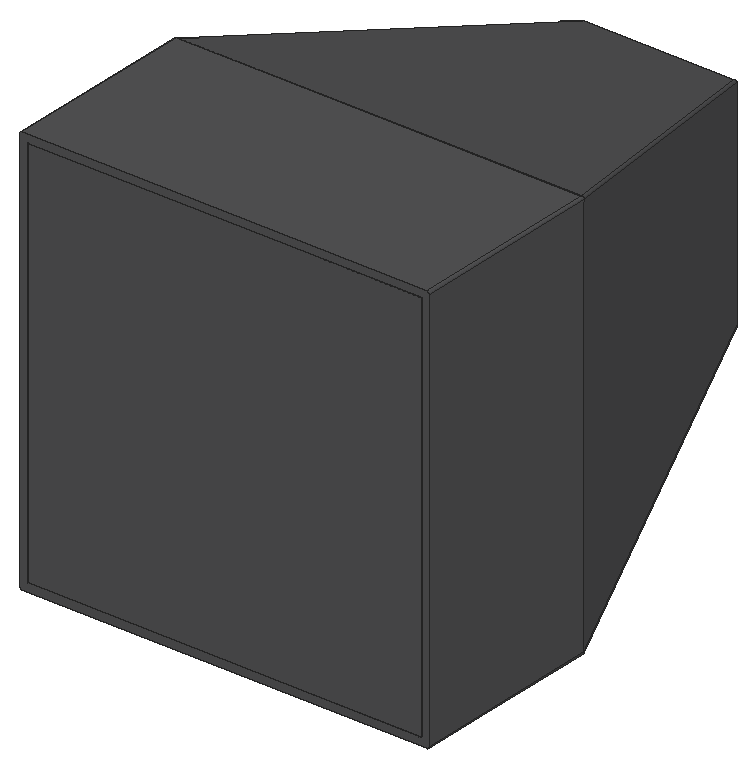
Revit family "Communication_Bosch_Speakers_MTS-4153-43", category Communication Devices, Revit 2018
Family settings
  Maintain Annotation Orientation = No
  Round Connector Dimension = Use Diameter
  Part Type = Normal
  Work Plane-Based = Yes
  Always vertical = No
  Cut with Voids When Loaded = No
  Shared = Yes
  Room Calculation Point = No
Parameters (values of type "MTS-4153-43FWB Loudspeaker high output 40x30 FW blk")
  XMTI = 1
  XCTN [instance] = "MTS-4153-43FWB"
  Weight (Kg) = if(or(XMTI = 1, XMTI = 2), "188", "174")  # "188"
  Vertical Coverage = "30°"  # constant formula
  UniclassTitle = "Loudspeakers"  # constant formula
  UniclassCode = "Pr_70_75_36_50"  # constant formula
  URL = "www.electrovoice.com"
  Product Website = "https://products.electrovoice.com/na/en/mts-4153/"
  Product Information = "https://products.electrovoice.com/downloadfile.php?id=979116"
  Product Description = "Loudspeaker high output 40x30 FW blk"
  PlanningTools = "https://products.electrovoice.com/na/en/preview"
  Max. SPL = "155 dB"  # constant formula
  MaterialRALColour = RAL 9005 black
  Material = "Multi-ply birch"
  Manufacturer = "Electro Voice"  # constant formula
  LoudSpeaker rotation Angle [instance] = 0.00°
  LoudSpeaker inclination Angle [instance] = 0.00°
  InstallationManual = "https://products.electrovoice.com/downloadfile.php?id=979142"
  IP Rating = "IP55"  # constant formula
  IFCExportAs = "IfcAudioVisualAppliance"  # constant formula
  Frequency range (-10 dB) = "Full space with MTS full range preset (50 Hz - 20 kHz)"  # constant formula
  FamType = MTS-4153-43 : MTS-4153-43FWB Loudspeaker high output 40x30 FW blk
  Disclaimer = "https://resources-boschsecurity-cdn.azureedge.net/public/information/bim/Disclaimer.pdf"
  Dimensions (H x W x D) = "1092 mm x 1092 mm x 1491 mm"  # constant formula
  Description = ""
  Default Elevation = 1219.2 mm
  Horizontal Coverage = "40°"  # constant formula
  CTN [instance] = XCTN  # "MTS-4153-43FWB"
  ArchitectsAndEngineersSpecs = "https://products.electrovoice.com/na/en/mts-4153/"
Types (4, lengths in mm): name | XMTI | XCTN | Weight (Kg) | Product Information | Product Description | MaterialRALColour | FamType | CTN
  MTS-4153-43PWB Loudspeaker high output 40x30 PW blk | 3 | "MTS-4153-43PWB" | "174" | "https://products.electrovoice.com/downloadfile.php?id=979118" | "Loudspeaker high output 40x30 PW blk" | RAL 9005 black | MTS-4153-43 : MTS-4153-43PWB Loudspeaker high output 40x30 PW blk | "MTS-4153-43PWB"
  MTS-4153-43PWW Loudspeaker high output 40x30 PW wht | 4 | "MTS-4153-43PWW" | "174" | "https://products.electrovoice.com/downloadfile.php?id=979119" | "Loudspeaker high output 40x30 PW wht" | RAL 9003 white | MTS-4153-43 : MTS-4153-43PWW Loudspeaker high output 40x30 PW wht | "MTS-4153-43PWW"
  MTS-4153-43FWB Loudspeaker high output 40x30 FW blk | 1 | "MTS-4153-43FWB" | "188" | "https://products.electrovoice.com/downloadfile.php?id=979116" | "Loudspeaker high output 40x30 FW blk" | RAL 9005 black | MTS-4153-43 : MTS-4153-43FWB Loudspeaker high output 40x30 FW blk | "MTS-4153-43FWB"
  MTS-4153-43FWW Loudspeaker high output 40x30 FW wht | 2 | "MTS-4153-43FWW" | "188" | "https://products.electrovoice.com/downloadfile.php?id=979117" | "Loudspeaker high output 40x30 FW wht" | RAL 9003 white | MTS-4153-43 : MTS-4153-43FWW Loudspeaker high output 40x30 FW wht | "MTS-4153-43FWW"
Reference planes
  plane 1 "Center (Front/Back)": y = 0
  plane 2: z = 0
  plane 3 "Center (Left/Right)": x = 0
  plane 4: z = 546.1
Lines and regions (mm)
  reference lines
    curve 1: line (0, 0, 546.1) -> (0, 0, 306.1)
Dimensions and locks
  locked: plane 4 to level at 546.1
  "LoudSpeaker rotation Angle": angle curve 1 to plane 3 "Center (Left/Right)"
  aligned and locked: level to plane 2
  aligned and locked: plane 4 to curve 1
  aligned and locked: plane 3 "Center (Left/Right)" to curve 1
Nested families
  nested 1: "MTS-4153-43" at (0, 0, 0), type <- "FamType", LoudSpeaker inclination Angle <- "LoudSpeaker inclination Angle", type "MTS-4153-43FWB Loudspeaker high output 40x30 FW blk"
    with XCTN "MTS-4153-43PWB", LoudSpeaker inclination Angle 0.00°, CTN "MTS-4153-43PWB"
Connectors
  electrical at (0.006, 1447.308, 546.102)
    settings: on nested 1, index 1, voltage 0 V, apparent load 0 VA, apparent load phase1 0 VA, apparent load phase2 0 VA, apparent load phase3 0 VA, power factor 1, load classification "Other", number of poles 1, system type 14, power factor state 1, is connector primary yes, connector utility no, sub classification motor no, connector description ""
Definition of nested family "MTS-4153-43"
  Parameters (values of type "MTS-4153-43FWB Loudspeaker high output 40x30 FW blk")
    XMTI = 1
    XCTN [instance] = "MTS-4153-43FWB"
    Weight (Kg) = if(or(XMTI = 1, XMTI = 2), "188", "174")  # "188"
    Vertical Coverage = "30°"  # constant formula
    UniclassTitle = "Loudspeakers"  # constant formula
    UniclassCode = "Pr_70_75_36_50"  # constant formula
    URL = "www.electrovoice.com"
    Product Website = "https://products.electrovoice.com/na/en/mts-4153/"
    Product Information = "https://products.electrovoice.com/downloadfile.php?id=979116"
    Product Description = "Loudspeaker high output 40x30 FW blk"
    PlanningTools = "https://products.electrovoice.com/na/en/preview"
    Max. SPL = "155 dB"  # constant formula
    MaterialRALColour = none
    Material = "Multi-ply birch"
    Manufacturer = "Electro Voice"  # constant formula
    LoudSpeaker inclination Angle [instance] = 0.00°
    InstallationManual = "https://products.electrovoice.com/downloadfile.php?id=979142"
    IP Rating = "IP55"  # constant formula
    IFCExportAs = "IfcAudioVisualAppliance"  # constant formula
    Frequency range (-10 dB) = "Full space with MTS full range preset (50 Hz - 20 kHz)"  # constant formula
    Disclaimer = "https://resources-boschsecurity-cdn.azureedge.net/public/information/bim/Disclaimer.pdf"
    Dimensions (H x W x D) = "1092 mm x 1092 mm x 1491 mm"  # constant formula
    Description = ""
    Default Elevation = 1219.2 mm
    Horizontal Coverage = "40°"  # constant formula
    CTN [instance] = XCTN  # "MTS-4153-43FWB"
    ArchitectsAndEngineersSpecs = "https://products.electrovoice.com/na/en/mts-4153/"
  Types (4, lengths in mm): name | XMTI | XCTN | Weight (Kg) | Product Information | Product Description | CTN
    MTS-4153-43PWB Loudspeaker high output 40x30 PW blk | 3 | "MTS-4153-43PWB" | "174" | "https://products.electrovoice.com/downloadfile.php?id=979118" | "Loudspeaker high output 40x30 PW blk" | "MTS-4153-43PWB"
    MTS-4153-43PWW Loudspeaker high output 40x30 PW wht | 4 | "MTS-4153-43PWW" | "174" | "https://products.electrovoice.com/downloadfile.php?id=979119" | "Loudspeaker high output 40x30 PW wht" | "MTS-4153-43PWW"
    MTS-4153-43FWB Loudspeaker high output 40x30 FW blk | 1 | "MTS-4153-43FWB" | "188" | "https://products.electrovoice.com/downloadfile.php?id=979116" | "Loudspeaker high output 40x30 FW blk" | "MTS-4153-43FWB"
    MTS-4153-43FWW Loudspeaker high output 40x30 FW wht | 2 | "MTS-4153-43FWW" | "188" | "https://products.electrovoice.com/downloadfile.php?id=979117" | "Loudspeaker high output 40x30 FW wht" | "MTS-4153-43FWW"
  Reference planes
    plane 1 "Center (Front/Back)": y = 0
    plane 2: z = 0
    plane 3 "Center (Left/Right)": x = 0
    plane 4: z = 546.1
    plane 5: x = -207.005
    plane 6: x = 207.005
    plane 7: z = 546.1
  Forms (mm)
    Extrusion 1, solid, material <- "MaterialRALColour"
      sketch origin (0, 0, 0) x (0, 0, 1) y (1, 0, 0)
        loop
          line (1085.85, 546.1) -> (6.35, 546.1)
          arc (6.35, 546.1) -> (1.86, 544.24) -> (0, 539.75) r 6.35
          line (0, 539.75) -> (0, -539.75)
          arc (0, -539.75) -> (1.86, -544.24) -> (6.35, -546.1) r 6.35
          line (6.35, -546.1) -> (1085.85, -546.1)
          arc (1085.85, -546.1) -> (1090.34, -544.24) -> (1092.2, -539.75) r 6.35
          line (1092.2, -539.75) -> (1092.2, 539.75)
          arc (1092.2, 539.75) -> (1090.34, 544.24) -> (1085.85, 546.1) r 6.35
      from 0 to 514.667
    Blend 2, solid, material <- "MaterialRALColour"
      base sketch origin (0, 514.667, 0) x (0, 0, 1) y (-1, 0, 0)
        loop
          line (1092.2, -539.75) -> (1092.2, 539.75)
          arc (1092.2, 539.75) -> (1090.34, 544.24) -> (1085.85, 546.1) r 6.35
          line (1085.85, 546.1) -> (6.35, 546.1)
          arc (6.35, 546.1) -> (1.86, 544.24) -> (0, 539.75) r 6.35
          line (0, 539.75) -> (0, -539.75)
          arc (0, -539.75) -> (1.86, -544.24) -> (6.35, -546.1) r 6.35
          line (6.35, -546.1) -> (1085.85, -546.1)
          arc (1085.85, -546.1) -> (1090.34, -544.24) -> (1092.2, -539.75) r 6.35
      top sketch origin (0, 514.667, 0) x (0, 0, 1) y (-1, 0, 0)
        loop
          line (842.532, -200.505) -> (842.532, 200.513)
          arc (842.532, 200.513) -> (840.63, 205.104) -> (836.039, 207.005) r 6.493
          line (836.039, 207.005) -> (256.196, 207.005)
          arc (256.196, 207.005) -> (251.58, 205.093) -> (249.668, 200.477) r 6.528
          line (249.668, 200.477) -> (249.668, -200.528)
          arc (249.668, -200.528) -> (251.565, -205.108) -> (256.145, -207.005) r 6.477
          line (256.145, -207.005) -> (836.032, -207.005)
          arc (836.032, -207.005) -> (840.628, -205.102) -> (842.532, -200.505) r 6.5
      from 0 to -932.641
    Extrusion 3, void
      sketch origin (0, 0, 0) x (0, 0, 1) y (1, 0, 0)
        loop
          line (1072.2, 526.1) -> (20, 526.1) -> (20, -526.1) -> (1072.2, -526.1) -> (1072.2, 526.1)
      from 0 to 25
    Extrusion 4, solid, material <- "MaterialRALColour"
      sketch origin (0, 0, 0) x (0, 0, -1) y (1, 0, 0)
        loop
          line (-1071.2, 525.1) -> (-1071.2, -525.1) -> (-21, -525.1) -> (-21, 525.1) -> (-1071.2, 525.1)
      from 0 to -10
  Cuts and joins
    Extrusion 3 cuts Extrusion 1
  Lines and regions (mm)
    reference lines
      curve 1: line (0, 0, 0) -> (0, 0, 546.1)
  Dimensions and locks
    locked: plane 4 to level at 546.1
    Blend 2 sketch curve to Blend 2 sketch curve = 592.864 mm  (x2)
    "LoudSpeaker inclination Angle": angle curve 1 to plane 1 "Center (Front/Back)"
    aligned and locked: level to plane 2
    aligned and locked: plane 4 to curve 1
    aligned and locked: plane 1 "Center (Front/Back)" to curve 1
  Automatic sketch dimensions
    Extrusion 1 to Blend 2 sketch curve = 6.35 mm  (x2)
    Extrusion 1 to Blend 2 sketch curve = 249.668 mm
    Blend 2 sketch curve to Blend 2 sketch curve = 6.477 mm
    Blend 2 sketch curve to Blend 2 sketch curve = 6.528 mm
    Blend 2 sketch curve to Blend 2 sketch curve = 6.5 mm
    Blend 2 sketch curve to Blend 2 sketch curve = 6.493 mm
    Extrusion 1 to Blend 2 sketch curve = 339.095 mm
    Extrusion 1 to Blend 2 sketch curve = 345.623 mm
    Extrusion 1 to Extrusion 3 sketch curve = 20 mm  (x4)
    Extrusion 1 to Extrusion 4 sketch curve = 21 mm  (x4)
    curve 1 to Extrusion 1 sketch curve = 0 mm
    curve 1 to Extrusion 1 sketch curve = 6.35 mm  (x2)
    curve 1 to Extrusion 1 sketch curve = 539.75 mm  (x3)
    Extrusion 1 sketch curve to Extrusion 1 sketch curve = 6.35 mm
    Extrusion 1 sketch curve to curve 1 = 546.1 mm
    radius of Blend 2 sketch curve to Extrusion 1 = 0 mm  (x2)
  Connectors
    electrical at (0.006, 1447.308, 546.102)
      settings: on Blend 2, index 1, voltage 0 V, apparent load 0 VA, apparent load phase1 0 VA, apparent load phase2 0 VA, apparent load phase3 0 VA, power factor 1, load classification none, number of poles 1, system type 14, power factor state 1, is connector primary yes, connector utility no, sub classification motor no, connector description ""
